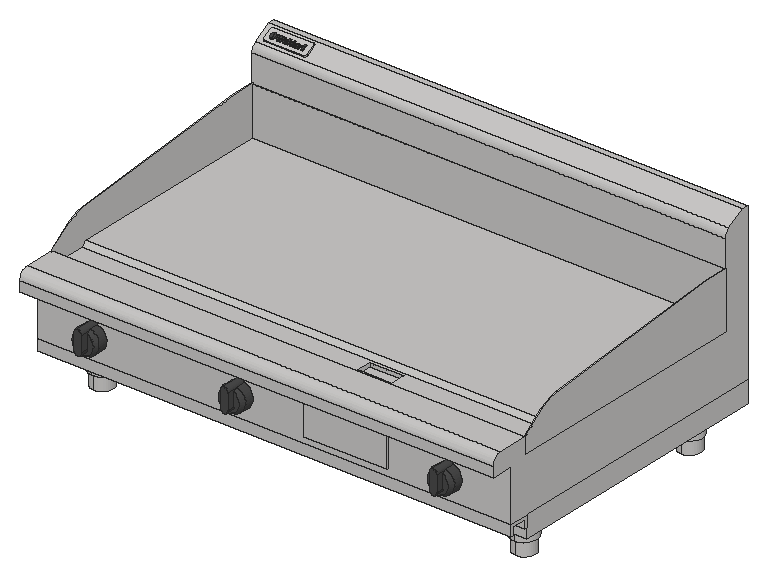
Revit family "QF_MOFFAT WALDORF_GP8120E-B", category Specialty Equipment, Revit 2012
Parameters
  Width [instance] = 1200.0 mm  # constant formula
  Weight in Pounds = 295.4191  # constant formula
  Watts = 16200 W
  Volts = 415 V
  URL Cutsheet = "www.moffat.com"
  URL = "www.moffat.com"
  Type Mark [instance] = ""
  Status [instance] = ""
  Specification by User [instance] = ""
  Specification by Manufacturer = ""
  Show Logo [instance] = yes
  Serial Number = ""
  Seismic Rating = ""
  SMACNA No = ""
  Revision Code [instance] = ""
  Phase = 3
  Omniclass Number and Title = ""
  Number of Poles = 1
  NAFEM Spec ID Number = ""
  Model = "GP8120E-B"
  Min Ckt Ampacity = 0 A
  Max Overcurrent Protection = 0 A
  Masterspec = ""
  Manufacturer = "MOFFAT WALDORF"
  Item Number [instance] = ""
  Installed By [instance] = ""
  Identify Quantity as Lot [instance] = yes
  Height [instance] = 530.0 mm  # constant formula
  HP = ""
  Furnished By [instance] = ""
  Foodservice Equipment Identifier [instance] = yes
  FL Amps = 22.5 A
  Elec Conn RI Height = 0.0 mm
  Elec Conn Connection Height = 0.0 mm
  Description = "GRIDDLE PLATE ELECTRIC BENCH MOUNT"
  Depth [instance] = 805.0 mm  # constant formula
  Cycle = 50 Hz
  Conn Plug = ""
  Conn Conduit = yes
  CSI MasterFormat = ""
  CSI Master Format = ""
  Base Height [instance] = 80.0 mm
  Apparent Power = if(Phase = 3, Volts * FL Amps * 1.73, Volts * FL Amps)  # 16153.9 VA
Reference planes
  plane 1 "BACK": y = 0
  plane 2: z = 0
  plane 3 "LEFT": x = 0
  plane 4 "RIGHT": x = 1200
  plane 5 "FRONT": y = -805
  plane 6 "TOP": z = 530
  plane 7 "Center Y": x = 600
  plane 8 "Center X": y = -402.5
  plane 9 "Base Height": z = 80
  plane 10: x = 65
  plane 11: x = 1134
  plane 12: x = 1070
  plane 13: z = 110
  plane 14: y = -32
Forms (mm)
  Extrusion 1, solid, material "QF_Finishes_Stainless Steel"
    sketch origin (0, 0, 0) x (0, 1, 0) y (0, 0, 1)
      loop
        line (-805, 291) -> (-805, 266) -> (-749, 266) -> (-749, 135) -> (0, 135) -> (0, 530) -> (-16.5, 530) -> (-58.709, 505.631)
        arc (-58.709, 505.631) -> (-66.975, 497.365) -> (-70, 486.074) r 22.582
        line (-70, 486.074) -> (-70, 275) -> (-705, 275) -> (-705, 315) -> (-781, 315)
        arc (-781, 315) -> (-797.971, 307.971) -> (-805, 291) r 24
      loop
        line (0, 80) -> (0, 134.206) -> (-699, 134.206) -> (-699, 80) -> (0, 80)
      loop
        line (-749, 134.206) -> (-749, 107.019) -> (-742.6, 107.019) -> (-742.6, 127.806) -> (-706.4, 127.806) -> (-706.4, 107.019) -> (-700, 107.019) -> (-700, 134.206) -> (-749, 134.206)
    from 0 to 1200
  Revolve 2, solid, material "QF_Finishes_Stainless Steel"
    sketch origin (1134, -210, 0) x (0, 1, 0) y (0, 0, -1)
      loop
        line (78.25, -80) -> (110, -80) -> (110, 0) -> (82.5, 0) -> (82.5, -35) -> (78.25, -35) -> (78.25, -80)
      axis (110, -80) -> (110, 0)
    angle from 0 to 360
  Revolve 3, solid, material "QF_Finishes_Stainless Steel"
    sketch origin (65, -210, 0) x (0, 1, 0) y (0, 0, 1)
      loop
        line (78.25, 80) -> (78.25, 35) -> (82.5, 35) -> (82.5, 0) -> (110, 0) -> (110, 80) -> (78.25, 80)
      axis (110, 80) -> (110, 0)
    angle from 0 to 360
  Revolve 4, solid, material "QF_Finishes_Black"
    sketch origin (150, 0, -0.127) x (0, 1, 0) y (0, 0, -1)
      loop
        line (-782, -229.5) -> (-759, -229.5) -> (-759, -202) -> (-749, -202) -> (-749, -197) -> (-793, -197) -> (-793, -223.651) -> (-782, -229.5)
      axis (-793, -197) -> (-749, -197)
    angle from 0 to 360
  Extrusion 5, solid, material "QF_Finishes_Black"
    sketch origin (288.27, 0, 0.031) x (-1, 0, 0) y (0, 0, -1)
      loop
        arc (148.269, -184.969) -> (138.269, -174.969) -> (128.269, -184.969) r 10
        line (128.269, -184.969) -> (128.269, -223.969)
        arc (128.269, -223.969) -> (138.269, -233.969) -> (148.269, -223.969) r 10
        line (148.269, -223.969) -> (148.269, -184.969)
    from 759 to 808
  Revolve 6, solid, material "QF_Finishes_Stainless Steel"
    sketch origin (1134, -735, 0) x (0, 1, 0) y (0, 0, -1)
      loop
        line (78.25, -80) -> (110, -80) -> (110, 0) -> (82.5, 0) -> (82.5, -35) -> (78.25, -35) -> (78.25, -80)
      axis (110, -80) -> (110, 0)
    angle from 0 to 360
  Revolve 7, solid, material "QF_Finishes_Stainless Steel"
    sketch origin (65, -735, 0) x (0, 1, 0) y (0, 0, 1)
      loop
        line (78.25, 80) -> (78.25, 35) -> (82.5, 35) -> (82.5, 0) -> (110, 0) -> (110, 80) -> (78.25, 80)
      axis (110, 80) -> (110, 0)
    angle from 0 to 360
  Extrusion 8, solid, material "QF_Finishes_Stainless Steel"
    sketch origin (37.8, -749, 266) x (0, 0, -1) y (1, 0, 0)
      loop
        line (26.5, 640) -> (113.5, 640) -> (113.5, 850) -> (26.5, 850) -> (26.5, 640)
    from 0 to 2.5
  Extrusion 9, solid, material "QF_Finishes_Stainless Steel"
    sketch origin (37.8, -751.5, 266) x (0, 0, -1) y (1, 0, 0)
      loop
        line (33.5, 850) -> (26.5, 850) -> (26.5, 640) -> (33.5, 640) -> (33.5, 850)
    from 0 to 5
  Revolve 10, solid, material "QF_Finishes_Black"
    sketch origin (1050, 0, -0.127) x (0, 1, 0) y (0, 0, 1)
      loop
        line (-782, 229.5) -> (-793, 223.651) -> (-793, 197) -> (-749, 197) -> (-749, 202) -> (-759, 202) -> (-759, 229.5) -> (-782, 229.5)
      axis (-793, 197) -> (-749, 197)
    angle from 0 to 360
  Extrusion 11, solid, material "QF_Finishes_Black"
    sketch origin (911.73, 0, 0.031) x (1, 0, 0) y (0, 0, 1)
      loop
        line (148.269, 184.969) -> (148.269, 223.969)
        arc (148.269, 223.969) -> (138.269, 233.969) -> (128.269, 223.969) r 10
        line (128.269, 223.969) -> (128.269, 184.969)
        arc (128.269, 184.969) -> (138.269, 174.969) -> (148.269, 184.969) r 10
    from 759 to 808
  Revolve 12, solid, material "QF_Finishes_Black"
    sketch origin (520.625, 0, -0.127) x (0, 1, 0) y (0, 0, -1)
      loop
        line (-782, -229.5) -> (-759, -229.5) -> (-759, -202) -> (-749, -202) -> (-749, -197) -> (-793, -197) -> (-793, -223.651) -> (-782, -229.5)
      axis (-793, -197) -> (-749, -197)
    angle from 0 to 360
  Extrusion 13, solid, material "QF_Finishes_Black"
    sketch origin (658.895, 0, 0.031) x (-1, 0, 0) y (0, 0, -1)
      loop
        arc (148.269, -184.969) -> (138.269, -174.969) -> (128.269, -184.969) r 10
        line (128.269, -184.969) -> (128.269, -223.969)
        arc (128.269, -223.969) -> (138.269, -233.969) -> (148.269, -223.969) r 10
        line (148.269, -223.969) -> (148.269, -184.969)
    from 759 to 808
  Extrusion 14, void
    sketch origin (-36.323, 23.75, 80) x (-1, 0, 0) y (0, 1, 0)
      loop
        circle (-1106.323, -55.555) r 10
    from 2 to -30
Cuts and joins
  joined: Revolve 4, Extrusion 5
  joined: Extrusion 8, Extrusion 9
  Extrusion 14 cuts Extrusion 1
Lines and regions (mm)
  Split face 1
    outline origin (49.063, -19.748, 528.125) x (0, -0.866025, -0.5) y (1, 0, 0)
      loop
        line (1.427, 105.5) -> (35.836, 105.5) -> (35.836, 125.5) -> (1.427, 125.5) -> (1.427, 105.5)
  Split face 2
    outline origin (99.063, -19.748, 528.125) x (0, -0.866025, -0.5) y (1, 0, 0)
      loop
        line (1.427, 105.5) -> (35.836, 105.5) -> (35.836, 125.5) -> (1.427, 125.5) -> (1.427, 105.5)
  Split face 3
    outline origin (149.062, -19.748, 528.125) x (0, -0.866025, -0.5) y (1, 0, 0)
      loop
        line (1.427, 105.5) -> (35.836, 105.5) -> (35.836, 125.5) -> (1.427, 125.5) -> (1.427, 105.5)
  Split face 4
    outline origin (199.063, -19.748, 528.125) x (0, -0.866025, -0.5) y (1, 0, 0)
      loop
        line (1.427, 105.5) -> (35.836, 105.5) -> (35.836, 125.5) -> (1.427, 125.5) -> (1.427, 105.5)
  Split face 5
    outline origin (249.063, -19.748, 528.125) x (0, -0.866025, -0.5) y (1, 0, 0)
      loop
        line (1.427, 105.5) -> (35.836, 105.5) -> (35.836, 125.5) -> (1.427, 125.5) -> (1.427, 105.5)
  Split face 6
    outline origin (299.063, -19.748, 528.125) x (0, -0.866025, -0.5) y (1, 0, 0)
      loop
        line (1.427, 105.5) -> (35.836, 105.5) -> (35.836, 125.5) -> (1.427, 125.5) -> (1.427, 105.5)
  Split face 7
    outline origin (51.563, -19.748, 528.125) x (0, -0.866025, -0.5) y (1, 0, 0)
      loop
        line (1.427, 405.5) -> (35.836, 405.5) -> (35.836, 425.5) -> (1.427, 425.5) -> (1.427, 405.5)
  Split face 8
    outline origin (101.562, -19.748, 528.125) x (0, -0.866025, -0.5) y (1, 0, 0)
      loop
        line (1.427, 405.5) -> (35.836, 405.5) -> (35.836, 425.5) -> (1.427, 425.5) -> (1.427, 405.5)
  Split face 9
    outline origin (151.562, -19.748, 528.125) x (0, -0.866025, -0.5) y (1, 0, 0)
      loop
        line (1.427, 405.5) -> (35.836, 405.5) -> (35.836, 425.5) -> (1.427, 425.5) -> (1.427, 405.5)
  Split face 10
    outline origin (201.562, -19.748, 528.125) x (0, -0.866025, -0.5) y (1, 0, 0)
      loop
        line (1.427, 405.5) -> (35.836, 405.5) -> (35.836, 425.5) -> (1.427, 425.5) -> (1.427, 405.5)
  Split face 11
    outline origin (251.562, -19.748, 528.125) x (0, -0.866025, -0.5) y (1, 0, 0)
      loop
        line (1.427, 405.5) -> (35.836, 405.5) -> (35.836, 425.5) -> (1.427, 425.5) -> (1.427, 405.5)
  Split face 12
    outline origin (301.562, -19.748, 528.125) x (0, -0.866025, -0.5) y (1, 0, 0)
      loop
        line (1.427, 405.5) -> (35.836, 405.5) -> (35.836, 425.5) -> (1.427, 425.5) -> (1.427, 405.5)
  Split face 13
    outline origin (351.562, -19.748, 528.125) x (0, -0.866025, -0.5) y (1, 0, 0)
      loop
        line (1.427, 405.5) -> (35.836, 405.5) -> (35.836, 425.5) -> (1.427, 425.5) -> (1.427, 405.5)
  Split face 14
    outline origin (402.31, -19.748, 528.125) x (0, -0.866025, -0.5) y (1, 0, 0)
      loop
        line (1.427, 405.5) -> (35.836, 405.5) -> (35.836, 425.5) -> (1.427, 425.5) -> (1.427, 405.5)
  Split face 15
    outline origin (452.31, -19.748, 528.125) x (0, -0.866025, -0.5) y (1, 0, 0)
      loop
        line (1.427, 405.5) -> (35.836, 405.5) -> (35.836, 425.5) -> (1.427, 425.5) -> (1.427, 405.5)
  symbolic lines, visible <- "Show Logo"
    curve 1: line (12.5, -52.06, 0) -> (12.5, -21.099, 0)
    curve 2: line (121.5, -21.099, 0) -> (121.5, -52.06, 0)
    curve 3: line (12.5, -21.099, 0) -> (121.5, -21.099, 0)
    curve 4: line (12.5, -52.06, 0) -> (121.5, -52.06, 0)
  symbolic lines
    curve 5: line (154.563, -50.782, 0) -> (154.563, -20.984, 0)
    curve 6: line (154.563, -20.984, 0) -> (174.562, -20.984, 0)
    curve 7: line (174.562, -20.984, 0) -> (174.562, -50.782, 0)
    curve 8: line (174.562, -50.782, 0) -> (154.563, -50.782, 0)
    curve 9: line (204.563, -20.984, 0) -> (204.563, -50.782, 0)
    curve 10: line (204.563, -50.782, 0) -> (224.562, -50.782, 0)
    curve 11: line (224.562, -50.782, 0) -> (224.562, -20.984, 0)
    curve 12: line (224.562, -20.984, 0) -> (204.563, -20.984, 0)
    curve 13: line (254.563, -20.984, 0) -> (254.563, -50.782, 0)
    curve 14: line (254.563, -50.782, 0) -> (274.562, -50.782, 0)
    curve 15: line (274.562, -50.782, 0) -> (274.562, -20.984, 0)
    curve 16: line (274.562, -20.984, 0) -> (254.563, -20.984, 0)
    curve 17: line (0, -805, 0) -> (1200, -805, 0)
    curve 18: line (0, 0, 0) -> (0, -805, 0)
    curve 19: line (1200, 0, 0) -> (0, 0, 0)
    curve 20: line (0, -70, 0) -> (1200, -70, 0)
    curve 21: line (1200, -705, 0) -> (0, -705, 0)
    curve 22: line (304.563, -20.984, 0) -> (304.563, -50.782, 0)
    curve 23: line (304.563, -50.782, 0) -> (324.562, -50.782, 0)
    curve 24: line (324.562, -50.782, 0) -> (324.562, -20.984, 0)
    curve 25: line (324.562, -20.984, 0) -> (304.563, -20.984, 0)
    curve 26: line (354.563, -20.984, 0) -> (354.563, -50.782, 0)
    curve 27: line (354.563, -50.782, 0) -> (374.562, -50.782, 0)
    curve 28: line (374.562, -50.782, 0) -> (374.562, -20.984, 0)
    curve 29: line (374.562, -20.984, 0) -> (354.563, -20.984, 0)
    curve 30: line (404.563, -20.984, 0) -> (404.563, -50.782, 0)
    curve 31: line (404.563, -50.782, 0) -> (424.562, -50.782, 0)
    curve 32: line (424.562, -50.782, 0) -> (424.562, -20.984, 0)
    curve 33: line (424.562, -20.984, 0) -> (404.563, -20.984, 0)
    curve 34: line (457.063, -20.984, 0) -> (457.063, -50.782, 0)
    curve 35: line (457.063, -50.782, 0) -> (477.063, -50.782, 0)
    curve 36: line (477.063, -50.782, 0) -> (477.063, -20.984, 0)
    curve 37: line (477.063, -20.984, 0) -> (457.063, -20.984, 0)
    curve 38: line (507.063, -20.984, 0) -> (507.063, -50.782, 0)
    curve 39: line (507.063, -50.782, 0) -> (527.063, -50.782, 0)
    curve 40: line (527.063, -50.782, 0) -> (527.063, -20.984, 0)
    curve 41: line (527.063, -20.984, 0) -> (507.063, -20.984, 0)
    curve 42: line (557.063, -50.782, 0) -> (577.063, -50.782, 0)
    curve 43: line (577.063, -50.782, 0) -> (577.063, -20.984, 0)
    curve 44: line (577.063, -20.984, 0) -> (557.063, -20.984, 0)
    curve 45: line (557.063, -20.984, 0) -> (557.063, -50.782, 0)
    curve 46: line (607.063, -50.782, 0) -> (627.063, -50.782, 0)
    curve 47: line (627.063, -50.782, 0) -> (627.063, -20.984, 0)
    curve 48: line (627.063, -20.984, 0) -> (607.063, -20.984, 0)
    curve 49: line (607.063, -20.984, 0) -> (607.063, -50.782, 0)
    curve 50: line (677.063, -50.782, 0) -> (657.063, -50.782, 0)
    curve 51: line (657.063, -50.782, 0) -> (657.063, -20.984, 0)
    curve 52: line (657.063, -20.984, 0) -> (677.063, -20.984, 0)
    curve 53: line (677.063, -20.984, 0) -> (677.063, -50.782, 0)
    curve 54: line (707.063, -50.782, 0) -> (727.063, -50.782, 0)
    curve 55: line (727.063, -50.782, 0) -> (727.063, -20.984, 0)
    curve 56: line (727.063, -20.984, 0) -> (707.063, -20.984, 0)
    curve 57: line (707.063, -20.984, 0) -> (707.063, -50.782, 0)
    curve 58: line (757.063, -50.782, 0) -> (777.063, -50.782, 0)
    curve 59: line (777.063, -50.782, 0) -> (777.063, -20.984, 0)
    curve 60: line (777.063, -20.984, 0) -> (757.063, -20.984, 0)
    curve 61: line (757.063, -20.984, 0) -> (757.063, -50.782, 0)
    curve 62: line (807.81, -50.782, 0) -> (827.81, -50.782, 0)
    curve 63: line (827.81, -50.782, 0) -> (827.81, -20.984, 0)
    curve 64: line (827.81, -20.984, 0) -> (807.81, -20.984, 0)
    curve 65: line (807.81, -20.984, 0) -> (807.81, -50.782, 0)
    curve 66: line (857.81, -50.782, 0) -> (877.81, -50.782, 0)
    curve 67: line (877.81, -50.782, 0) -> (877.81, -20.984, 0)
    curve 68: line (877.81, -20.984, 0) -> (857.81, -20.984, 0)
    curve 69: line (857.81, -20.984, 0) -> (857.81, -50.782, 0)
    curve 70: line (1200, -805, 0) -> (1200, 0, 0)
Dimensions and locks
  equal spacing: plane 3 "LEFT", plane 7 "Center Y", plane 4 "RIGHT"
  "Width": plane 3 "LEFT" to plane 4 "RIGHT"
  equal spacing: plane 5 "FRONT", plane 8 "Center X", plane 1 "BACK"
  "Depth": plane 5 "FRONT" to plane 1 "BACK"
  "Base Height": plane 9 "Base Height" to level
  locked: plane 6 "TOP" to plane 9 "Base Height" at 450
  plane 6 "TOP" to level = 530.0 mm
  plane 11 to plane 10 = 1069.0 mm
  plane 12 to plane 4 "RIGHT" = 130.0 mm
  plane 13 to level = 110.0 mm
  plane 14 to plane 1 "BACK" = 32.0 mm
  aligned and locked: level to plane 2
  aligned and locked: Revolve 3 sketch curve to plane 9 "Base Height"
Automatic sketch dimensions
  curve 17 to plane 3 "LEFT" = 0.0 mm
  plane 1 "BACK" to curve 19 = 0.0 mm
  curve 19 to plane 4 "RIGHT" = 0.0 mm
  plane 5 "FRONT" to curve 17 = 0.0 mm
  plane 3 "LEFT" to curve 1 = 12.5 mm
  plane 10 to curve 4 = 56.5 mm
  curve 2 to curve 6 = 33.062 mm
  curve 5 to curve 8 = 20.0 mm
  curve 6 to curve 12 = 30.0 mm
  curve 9 to curve 10 = 20.0 mm
  curve 11 to curve 16 = 30.0 mm
  curve 13 to curve 15 = 20.0 mm
  curve 15 to curve 22 = 30.0 mm
  curve 22 to curve 24 = 20.0 mm
  curve 23 to curve 26 = 30.0 mm
  curve 26 to curve 27 = 20.0 mm
  curve 27 to curve 30 = 30.0 mm
  curve 30 to curve 32 = 20.0 mm
  curve 31 to curve 34 = 32.5 mm
  curve 34 to curve 35 = 20.0 mm
  curve 36 to curve 38 = 30.0 mm
  curve 38 to curve 41 = 20.0 mm
  curve 39 to curve 42 = 30.0 mm
  curve 44 to curve 43 = 20.0 mm
  plane 7 "Center Y" to curve 48 = 7.063 mm
  curve 46 to curve 46 = 20.0 mm
  curve 47 to curve 52 = 30.0 mm
  curve 51 to curve 53 = 20.0 mm
  curve 50 to curve 54 = 30.0 mm
  curve 56 to curve 56 = 20.0 mm
  curve 55 to curve 61 = 30.0 mm
  curve 58 to curve 58 = 20.0 mm
  curve 58 to curve 62 = 30.748 mm
  curve 62 to curve 62 = 20.0 mm
  curve 63 to curve 68 = 30.0 mm
  curve 66 to curve 66 = 20.0 mm
  curve 21 to plane 5 "FRONT" = 100.0 mm
  curve 20 to curve 19 = 70.0 mm
  plane 1 "BACK" to curve 2 = 52.06 mm
  plane 1 "BACK" to curve 7 = 50.782 mm
  plane 1 "BACK" to curve 59 = 50.782 mm
  curve 7 to curve 9 = 0.0 mm
  curve 57 to curve 58 = 0.0 mm
  curve 10 to curve 13 = 0.0 mm
  curve 53 to curve 54 = 0.0 mm
  curve 58 to curve 62 = 0.0 mm
  curve 62 to curve 66 = 0.0 mm
  curve 49 to curve 50 = 0.0 mm
  curve 14 to curve 22 = 0.0 mm
  curve 45 to curve 46 = 0.0 mm
  curve 23 to curve 26 = 0.0 mm
  curve 40 to curve 42 = 0.0 mm
  curve 27 to curve 30 = 0.0 mm
  curve 36 to curve 38 = 0.0 mm
  plane 1 "BACK" to curve 2 = 21.099 mm
  plane 1 "BACK" to curve 33 = 20.984 mm
  plane 1 "BACK" to curve 40 = 20.984 mm
  plane 1 "BACK" to curve 29 = 20.984 mm
  plane 1 "BACK" to curve 43 = 20.984 mm
  plane 1 "BACK" to curve 25 = 20.984 mm
  plane 1 "BACK" to curve 47 = 20.984 mm
  plane 1 "BACK" to curve 69 = 20.984 mm
  plane 1 "BACK" to curve 52 = 20.984 mm
  plane 1 "BACK" to curve 16 = 20.984 mm
  plane 1 "BACK" to curve 55 = 20.984 mm
  plane 1 "BACK" to curve 12 = 20.984 mm
  plane 1 "BACK" to curve 59 = 20.984 mm
  plane 1 "BACK" to curve 7 = 20.984 mm
  plane 1 "BACK" to curve 63 = 20.984 mm
  plane 1 "BACK" to curve 37 = 20.984 mm
  Extrusion 1 sketch curve to plane 5 "FRONT" = 0.0 mm
  Extrusion 1 sketch curve to plane 9 "Base Height" = 0.0 mm
  Extrusion 1 sketch curve to plane 6 "TOP" = 0.0 mm
  Extrusion 1 sketch curve to plane 1 "BACK" = 0.0 mm  (x2)
  Extrusion 1 sketch curve to plane 5 "FRONT" = 24.0 mm
  Extrusion 1 sketch curve to plane 5 "FRONT" = 56.0 mm
  Extrusion 1 sketch curve to Extrusion 1 sketch curve = 0.0 mm  (x2)
  Extrusion 1 sketch curve to Extrusion 1 sketch curve = 6.4 mm  (x3)
  Extrusion 1 sketch curve to Extrusion 1 sketch curve = 36.2 mm
  Extrusion 1 sketch curve to Extrusion 1 sketch curve = 44.0 mm
  Extrusion 1 sketch curve to Extrusion 1 sketch curve = 1.0 mm
  plane 1 "BACK" to Extrusion 1 sketch curve = 70.0 mm
  Extrusion 1 sketch curve to plane 6 "TOP" = 24.369 mm
  Extrusion 1 sketch curve to Extrusion 1 sketch curve = 11.291 mm  (x2)
  Extrusion 1 sketch curve to Extrusion 1 sketch curve = 16.5 mm
  plane 9 "Base Height" to Extrusion 1 sketch curve = 27.019 mm  (x2)
  Extrusion 1 sketch curve to Extrusion 1 sketch curve = 20.787 mm
  Extrusion 1 sketch curve to Extrusion 1 sketch curve = 0.794 mm
  Extrusion 1 sketch curve to Extrusion 1 sketch curve = 131.0 mm
  Extrusion 1 sketch curve to Extrusion 1 sketch curve = 140.0 mm
  Extrusion 1 sketch curve to Extrusion 1 sketch curve = 25.0 mm
  Revolve 2 sketch curve to plane 9 "Base Height" = 0.0 mm
  Revolve 2 sketch curve to level = 0.0 mm
  level to Revolve 2 sketch curve = 35.0 mm
  plane 1 "BACK" to Revolve 2 sketch curve = 131.75 mm
  Revolve 2 sketch curve to Revolve 2 sketch curve = 4.25 mm
  Revolve 2 sketch curve to Revolve 2 sketch curve = 27.5 mm
  Revolve 2 sketch curve to Revolve 2 sketch curve = 0.0 mm
  Revolve 2 sketch curve to Revolve 2 sketch curve = 30.0 mm
  Revolve 2 sketch curve to Revolve 2 sketch curve = 55.0 mm
  Revolve 3 sketch curve to level = 0.0 mm
  level to Revolve 3 sketch curve = 35.0 mm
  plane 1 "BACK" to Revolve 3 sketch curve = 131.75 mm
  Revolve 3 sketch curve to Revolve 3 sketch curve = 4.25 mm
  Revolve 3 sketch curve to Revolve 3 sketch curve = 27.5 mm
  Revolve 3 sketch curve to Revolve 3 sketch curve = 0.0 mm
  Revolve 3 sketch curve to Revolve 3 sketch curve = 55.0 mm
  Revolve 3 sketch curve to Revolve 3 sketch curve = 30.0 mm
  Revolve 4 sketch curve to plane 5 "FRONT" = 12.0 mm
  Revolve 4 sketch curve to Revolve 4 sketch curve = 0.0 mm  (x2)
  Revolve 4 sketch curve to Revolve 4 sketch curve = 11.0 mm
  Revolve 4 sketch curve to Revolve 4 sketch curve = 12.7 mm
  Revolve 4 sketch curve to Revolve 4 sketch curve = 23.0 mm
  Revolve 4 sketch curve to Revolve 4 sketch curve = 10.0 mm
  plane 9 "Base Height" to Revolve 4 sketch curve = 149.373 mm
  Revolve 4 sketch curve to Revolve 4 sketch curve = 5.849 mm
  Revolve 4 sketch curve to Revolve 4 sketch curve = 27.5 mm
  Revolve 4 sketch curve to Revolve 4 sketch curve = 5.0 mm
  plane 10 to Extrusion 5 sketch curve = 95.001 mm
  Extrusion 5 sketch curve to Extrusion 5 sketch curve = 10.0 mm
  plane 9 "Base Height" to Extrusion 5 sketch curve = 144.0 mm
  Extrusion 5 sketch curve to Extrusion 5 sketch curve = 39.0 mm
  Extrusion 1 to Split face 1 sketch curve = 5.177 mm
  Split face 1 sketch curve to Extrusion 1 = 9.153 mm
  Split face 1 sketch curve to Extrusion 1 = 154.563 mm
  Split face 1 sketch curve to Split face 1 sketch curve = 20.0 mm
  Revolve 6 sketch curve to plane 9 "Base Height" = 0.0 mm
  Revolve 6 sketch curve to level = 0.0 mm
  level to Revolve 6 sketch curve = 35.0 mm
  Revolve 6 sketch curve to plane 5 "FRONT" = 148.25 mm
  Revolve 6 sketch curve to Revolve 6 sketch curve = 4.25 mm
  Revolve 6 sketch curve to Revolve 6 sketch curve = 27.5 mm
  Revolve 6 sketch curve to Revolve 6 sketch curve = 0.0 mm
  Revolve 6 sketch curve to Revolve 6 sketch curve = 30.0 mm
  Revolve 6 sketch curve to Revolve 6 sketch curve = 55.0 mm
  Revolve 7 sketch curve to plane 9 "Base Height" = 0.0 mm
  Revolve 7 sketch curve to level = 0.0 mm
  level to Revolve 7 sketch curve = 35.0 mm
  Revolve 7 sketch curve to plane 5 "FRONT" = 148.25 mm
  Revolve 7 sketch curve to Revolve 7 sketch curve = 4.25 mm
  Revolve 7 sketch curve to Revolve 7 sketch curve = 27.5 mm
  Revolve 7 sketch curve to Revolve 7 sketch curve = 0.0 mm
  Revolve 7 sketch curve to Revolve 7 sketch curve = 55.0 mm
  Revolve 7 sketch curve to Revolve 7 sketch curve = 30.0 mm
  Extrusion 1 to Split face 2 sketch curve = 5.177 mm
  Split face 2 sketch curve to Extrusion 1 = 9.153 mm
  Split face 2 sketch curve to Extrusion 1 = 204.563 mm
  Split face 2 sketch curve to Split face 2 sketch curve = 20.0 mm
  Extrusion 1 to Split face 3 sketch curve = 5.177 mm
  Split face 3 sketch curve to Extrusion 1 = 9.153 mm
  Split face 3 sketch curve to Extrusion 1 = 254.563 mm
  Split face 3 sketch curve to Split face 3 sketch curve = 20.0 mm
  Extrusion 1 to Extrusion 8 sketch curve = 26.5 mm
  Extrusion 8 sketch curve to Extrusion 1 = 17.5 mm
  Extrusion 1 to Extrusion 8 sketch curve = 522.2 mm
  Extrusion 8 sketch curve to Extrusion 8 sketch curve = 210.0 mm
  Extrusion 9 sketch curve to Extrusion 8 = 0.0 mm  (x2)
  Extrusion 8 to Extrusion 9 sketch curve = 0.0 mm
  Extrusion 9 sketch curve to Extrusion 8 = 7.0 mm
  Extrusion 1 to Split face 4 sketch curve = 5.177 mm
  Split face 4 sketch curve to Extrusion 1 = 9.153 mm
  Split face 4 sketch curve to Extrusion 1 = 304.563 mm
  Split face 4 sketch curve to Split face 4 sketch curve = 20.0 mm
  Extrusion 1 to Split face 5 sketch curve = 5.177 mm
  Split face 5 sketch curve to Extrusion 1 = 9.153 mm
  Split face 5 sketch curve to Extrusion 1 = 354.563 mm
  Split face 5 sketch curve to Split face 5 sketch curve = 20.0 mm
  Extrusion 1 to Split face 6 sketch curve = 5.177 mm
  Split face 6 sketch curve to Extrusion 1 = 9.153 mm
  Split face 6 sketch curve to Extrusion 1 = 404.563 mm
  Split face 6 sketch curve to Split face 6 sketch curve = 20.0 mm
  Extrusion 1 to Split face 7 sketch curve = 5.177 mm
  Split face 7 sketch curve to Extrusion 1 = 9.153 mm
  Split face 7 sketch curve to Extrusion 1 = 457.063 mm
  Split face 7 sketch curve to Split face 7 sketch curve = 20.0 mm
  Extrusion 1 to Split face 8 sketch curve = 5.177 mm
  Split face 8 sketch curve to Extrusion 1 = 9.153 mm
  Split face 8 sketch curve to Extrusion 1 = 507.063 mm
  Split face 8 sketch curve to Split face 8 sketch curve = 20.0 mm
  Extrusion 1 to Split face 9 sketch curve = 5.177 mm
  Split face 9 sketch curve to Extrusion 1 = 9.153 mm
  Split face 9 sketch curve to Extrusion 1 = 557.063 mm
  Split face 9 sketch curve to Split face 9 sketch curve = 20.0 mm
  Extrusion 1 to Split face 10 sketch curve = 5.177 mm
  Split face 10 sketch curve to Extrusion 1 = 9.153 mm
  Split face 10 sketch curve to Extrusion 1 = 592.937 mm
  Split face 10 sketch curve to Split face 10 sketch curve = 20.0 mm
  Extrusion 1 to Split face 11 sketch curve = 5.177 mm
  Split face 11 sketch curve to Extrusion 1 = 9.153 mm
  Split face 11 sketch curve to Extrusion 1 = 542.937 mm
  Split face 11 sketch curve to Split face 11 sketch curve = 20.0 mm
  Revolve 10 sketch curve to plane 5 "FRONT" = 12.0 mm
  Revolve 10 sketch curve to Revolve 10 sketch curve = 0.0 mm  (x2)
  Revolve 10 sketch curve to Revolve 10 sketch curve = 11.0 mm
  Revolve 10 sketch curve to Revolve 10 sketch curve = 12.7 mm
  Revolve 10 sketch curve to Revolve 10 sketch curve = 23.0 mm
  Revolve 10 sketch curve to Revolve 10 sketch curve = 10.0 mm
  plane 9 "Base Height" to Revolve 10 sketch curve = 116.873 mm
  Revolve 10 sketch curve to Revolve 10 sketch curve = 5.0 mm
  Revolve 10 sketch curve to Revolve 10 sketch curve = 26.651 mm
  Revolve 10 sketch curve to Revolve 10 sketch curve = 5.849 mm
  plane 11 to Extrusion 11 sketch curve = 94.001 mm
  Extrusion 11 sketch curve to Extrusion 11 sketch curve = 10.0 mm
  plane 9 "Base Height" to Extrusion 11 sketch curve = 105.0 mm
  Extrusion 11 sketch curve to Extrusion 11 sketch curve = 39.0 mm
  Revolve 12 sketch curve to plane 5 "FRONT" = 12.0 mm
  Revolve 12 sketch curve to Revolve 12 sketch curve = 0.0 mm  (x2)
  Revolve 12 sketch curve to Revolve 12 sketch curve = 11.0 mm
  Revolve 12 sketch curve to Revolve 12 sketch curve = 12.7 mm
  Revolve 12 sketch curve to Revolve 12 sketch curve = 23.0 mm
  Revolve 12 sketch curve to Revolve 12 sketch curve = 10.0 mm
  plane 9 "Base Height" to Revolve 12 sketch curve = 149.373 mm
  Revolve 12 sketch curve to Revolve 12 sketch curve = 5.849 mm
  Revolve 12 sketch curve to Revolve 12 sketch curve = 27.5 mm
  Revolve 12 sketch curve to Revolve 12 sketch curve = 5.0 mm
  Extrusion 13 sketch curve to plane 7 "Center Y" = 69.374 mm
  Extrusion 13 sketch curve to Extrusion 13 sketch curve = 10.0 mm
  plane 9 "Base Height" to Extrusion 13 sketch curve = 144.0 mm
  Extrusion 13 sketch curve to Extrusion 13 sketch curve = 39.0 mm
  Extrusion 1 to Split face 12 sketch curve = 5.177 mm
  Split face 12 sketch curve to Extrusion 1 = 9.153 mm
  Split face 12 sketch curve to Extrusion 1 = 492.937 mm
  Split face 12 sketch curve to Split face 12 sketch curve = 20.0 mm
  Extrusion 1 to Split face 13 sketch curve = 5.177 mm
  Split face 13 sketch curve to Extrusion 1 = 9.153 mm
  Split face 13 sketch curve to Extrusion 1 = 442.937 mm
  Split face 13 sketch curve to Split face 13 sketch curve = 20.0 mm
  Extrusion 1 to Split face 14 sketch curve = 5.177 mm
  Split face 14 sketch curve to Extrusion 1 = 9.153 mm
  Split face 14 sketch curve to Extrusion 1 = 392.19 mm
  Split face 14 sketch curve to Split face 14 sketch curve = 20.0 mm
  Extrusion 1 to Split face 15 sketch curve = 5.177 mm
  Split face 15 sketch curve to Extrusion 1 = 9.153 mm
  Split face 15 sketch curve to Extrusion 1 = 342.19 mm
  Split face 15 sketch curve to Split face 15 sketch curve = 20.0 mm
  Extrusion 14 sketch curve to Extrusion 1 = 130.0 mm
  Extrusion 1 to Extrusion 14 sketch curve = 31.805 mm
  radius of Extrusion 14 sketch curve = 10.0 mm
Nested families
  nested 1: "GAS GRIDDLE PLATE" at (0, -70, 275), type "GAS GRIDDLE PLATE"
    with Type Mark "", Status "", Specification by User "", Show Clearance yes, Revision Code "", Number of Poles 1, Mechanical Remarks "", Mechanical Connection Type "", Item Number "", Installed By "", Identify Quantity as Lot yes, Gas RI Height 0.0 mm, Gas KW 0, Gas Input 0.0 Btu/h, Furnished By "", Foodservice Equipment Identifier yes, Electrical Remarks "", Electric Connection Type "", Elec Conn RI Height 0.0 mm, Elec Conn Connection Height 0.0 mm
  nested 2: "WALDORF LOGO_FACE BASE" at (12.657, -22.086, 526.775) x (1, 0, 0) z (0, -0.5, 0.866), visible <- "Show Logo", type "WALDORF LOGO_FACE BASE", detail levels medium+fine
    with Show Logo yes
Connectors
  electrical at (1070, -31.805, 110), driven by "Volts", driven by "Watts"
    settings: on cut or joined group of Extrusion 1, Extrusion 14, index 1, voltage 415 V, apparent load 16200 VA, apparent load phase1 0 VA, apparent load phase2 0 VA, apparent load phase3 0 VA, power factor 1, load classification "Other", number of poles 1, system type 30, power factor state 1, is connector primary yes, connector utility no, sub classification motor no, connector description "ELECTRICAL CONNECTION"
Definition of nested family "GAS GRIDDLE PLATE"
  Parameters (values of type "GAS GRIDDLE PLATE")
    Weight in Pounds = 0
    Watts = 0 W
    Volts = 0 V
    URL Cutsheet = ""
    Type Mark [instance] = ""
    Status [instance] = ""
    Specification by User [instance] = ""
    Specification by Manufacturer = ""
    Show Clearance [instance] = yes
    Serial Number = ""
    Seismic Rating = ""
    SMACNA No = ""
    Revision Code [instance] = ""
    Phase = 1
    Omniclass Number and Title = ""
    Number of Poles [instance] = 1
    NAFEM Spec ID Number = ""
    Min Ckt Ampacity = 0 A
    Mechanical Remarks [instance] = ""
    Mechanical Connection Type [instance] = ""
    Max Overcurrent Protection = 0 A
    Masterspec = ""
    Item Number [instance] = ""
    Installed By [instance] = ""
    Identify Quantity as Lot [instance] = yes
    HP = ""
    Gas Size = 0"
    Gas RI Height [instance] = 0.0 mm
    Gas KW [instance] = 0
    Gas Input [instance] = 0.0 Btu/h
    Gas Connection Height = 0.0 mm
    Furnished By [instance] = ""
    Foodservice Equipment Identifier [instance] = yes
    FL Amps = 0 A
    Electrical Remarks [instance] = ""
    Electric Connection Type [instance] = ""
    Elec Conn RI Height [instance] = 0.0 mm
    Elec Conn Connection Height [instance] = 0.0 mm
    Cycle = 0 Hz
    Conn Plug = ""
    Conn Conduit = yes
    CSI MasterFormat = ""
    CSI Master Format = ""
    Apparent Power = if(Phase = 3, Volts * FL Amps * 1.73, Volts * FL Amps)  # 0 VA
  Reference planes
    plane 1 "BACK": y = 0
    plane 2: z = 0
    plane 3 "LEFT": x = 0
    plane 4 "RIGHT": x = 1200
    plane 5 "FRONT": y = -634.4
    plane 6 "TOP": z = 142.5
    plane 7 "Center Y": x = 600
    plane 8 "Center X": y = -317.2
  Forms (mm)
    Extrusion 1, solid, material "QF_Finishes_Stainless Steel"
      sketch origin (0, 70.003, -875) x (0, 1, 0) y (0, 0, 1)
        loop
          line (-70, 875) -> (-70, 1017.5) -> (-126.948, 1017.5) -> (-604.433, 971.523)
          arc (-604.433, 971.523) -> (-629.46, 965.803) -> (-652.206, 953.899) r 100
          line (-652.206, 953.899) -> (-704.403, 917.35) -> (-704.403, 875) -> (-70, 875)
      from 0 to 1.8
    Extrusion 2, solid, material "QF_Finishes_Stainless Steel"
      sketch origin (150, 70.003, -875) x (0, 1, 0) y (0, 0, 1)
        loop
          line (-70, 895) -> (-601, 895) -> (-611.5, 884.5) -> (-704.403, 884.5) -> (-704.403, 875) -> (-70, 875) -> (-70, 895)
      from -148.2 to 1048.2
    Extrusion 3, void
      sketch origin (450, -541.497, 9.5) x (0, -1, 0) y (1, 0, 0)
        loop
          line (10, 375.2) -> (10, 289.7) -> (48.5, 289.7) -> (48.5, 375.2) -> (10, 375.2)
      from -41.4 to 40.142
    Extrusion 4, solid, material "QF_Finishes_Stainless Steel"
      sketch origin (150, 0.003, 211.074) x (0, 0, -1) y (1, 0, 0)
        loop
          line (68.574, -148.2) -> (191.074, -148.2) -> (191.074, 1048.2) -> (68.574, 1048.2) -> (68.574, -148.2)
      from 0 to 1.683
    Extrusion 5, solid, material "QF_Finishes_Stainless Steel"
      sketch origin (1200, 70.003, -875) x (0, 1, 0) y (0, 0, -1)
        loop
          line (-70, -875) -> (-704.403, -875) -> (-704.403, -917.35) -> (-652.206, -953.899)
          arc (-652.206, -953.899) -> (-629.46, -965.803) -> (-604.433, -971.523) r 100
          line (-604.433, -971.523) -> (-126.948, -1017.5) -> (-70, -1017.5) -> (-70, -875)
      from 0 to 1.8
  Cuts and joins
    Extrusion 3 cuts Extrusion 2
  Lines and regions (mm)
    symbolic lines
      curve 1: line (1198.8, -530.997, 0) -> (1.8, -530.997, 0)
      curve 2: line (1.8, -541.497, 0) -> (1198.8, -541.497, 0)
      curve 3: line (739.7, -551.497, 0) -> (739.7, -589.997, 0)
      curve 4: line (739.7, -589.997, 0) -> (825.2, -589.997, 0)
      curve 5: line (825.2, -589.997, 0) -> (825.2, -551.497, 0)
      curve 6: line (825.2, -551.497, 0) -> (739.7, -551.497, 0)
      curve 7: line (1.8, -1.68, 0) -> (1198.8, -1.68, 0)
      curve 8: line (1198.8, -1.68, 0) -> (1198.8, -634.4, 0)
      curve 9: line (1.8, -634.4, 0) -> (1.8, -1.68, 0)
      curve 10: line (1.8, -634.4, 0) -> (1198.8, -634.4, 0)
  Dimensions and locks
    equal spacing: plane 3 "LEFT", plane 7 "Center Y", plane 4 "RIGHT"
    plane 3 "LEFT" to plane 4 "RIGHT" = 1200.0 mm
    equal spacing: plane 5 "FRONT", plane 8 "Center X", plane 1 "BACK"
    plane 5 "FRONT" to plane 1 "BACK" = 634.4 mm
    aligned and locked: level to plane 2
  Automatic sketch dimensions
    plane 5 "FRONT" to curve 10 = 0.0 mm
    plane 3 "LEFT" to curve 10 = 1.8 mm
    curve 4 to plane 5 "FRONT" = 44.403 mm
    plane 7 "Center Y" to curve 4 = 139.7 mm
    curve 3 to curve 5 = 85.5 mm
    plane 4 "RIGHT" to curve 8 = 1.2 mm
    curve 3 to curve 3 = 38.5 mm
    curve 2 to plane 5 "FRONT" = 92.903 mm
    curve 2 to curve 1 = 10.5 mm
    plane 1 "BACK" to curve 9 = 1.68 mm
    Extrusion 1 sketch curve to level = 0.0 mm
    Extrusion 1 sketch curve to plane 5 "FRONT" = 0.0 mm
    Extrusion 1 sketch curve to plane 6 "TOP" = 0.0 mm
    Extrusion 1 sketch curve to plane 5 "FRONT" = 52.197 mm
    Extrusion 1 sketch curve to Extrusion 1 sketch curve = 47.773 mm
    Extrusion 1 sketch curve to level = 3.016 mm
    Extrusion 1 sketch curve to Extrusion 1 sketch curve = 9.585 mm
    plane 1 "BACK" to Extrusion 1 sketch curve = 56.945 mm
    Extrusion 1 sketch curve to plane 1 "BACK" = 0.003 mm
    level to Extrusion 1 sketch curve = 42.35 mm
    Extrusion 1 sketch curve to plane 6 "TOP" = 63.601 mm
    Extrusion 2 sketch curve to level = 0.0 mm
    Extrusion 2 sketch curve to plane 5 "FRONT" = 0.0 mm
    level to Extrusion 2 sketch curve = 9.5 mm
    Extrusion 2 sketch curve to Extrusion 2 sketch curve = 92.903 mm
    Extrusion 2 sketch curve to Extrusion 2 sketch curve = 10.5 mm  (x2)
    Extrusion 2 sketch curve to plane 1 "BACK" = 0.003 mm
    Extrusion 2 to Extrusion 3 sketch curve = 10.0 mm
    Extrusion 3 sketch curve to Extrusion 3 sketch curve = 38.5 mm
    Extrusion 2 to Extrusion 3 sketch curve = 737.9 mm
    Extrusion 3 sketch curve to Extrusion 3 sketch curve = 85.5 mm
    Extrusion 4 sketch curve to plane 6 "TOP" = 0.0 mm
    level to Extrusion 4 sketch curve = 20.0 mm
    plane 3 "LEFT" to Extrusion 4 sketch curve = 1.8 mm
    plane 4 "RIGHT" to Extrusion 4 sketch curve = 1.8 mm
    Extrusion 5 sketch curve to level = 0.0 mm
    Extrusion 5 sketch curve to plane 5 "FRONT" = 0.0 mm
    Extrusion 5 sketch curve to plane 6 "TOP" = 0.0 mm
    Extrusion 5 sketch curve to plane 5 "FRONT" = 52.197 mm
    Extrusion 5 sketch curve to Extrusion 5 sketch curve = 47.773 mm
    Extrusion 5 sketch curve to level = 3.016 mm
    Extrusion 5 sketch curve to Extrusion 5 sketch curve = 57.358 mm
    plane 1 "BACK" to Extrusion 5 sketch curve = 56.945 mm
    Extrusion 5 sketch curve to plane 1 "BACK" = 0.003 mm
    Extrusion 5 sketch curve to plane 6 "TOP" = 45.977 mm
    level to Extrusion 5 sketch curve = 42.35 mm
Definition of nested family "WALDORF LOGO_FACE BASE"
  Parameters (values of type "WALDORF LOGO_FACE BASE")
    Show Logo [instance] = yes
    Default Elevation = 1219.2 mm
  Reference planes
    plane 1 "Center (Front/Back)": y = 0
    plane 2: z = 0
    plane 3 "Center (Left/Right)": x = 0
  Forms (mm)
    Extrusion 1, solid
      sketch origin (0, 0, 0) x (1, 0, 0) y (0, 1, 0)
        loop
          line (-1219.2, 1219.2) -> (-1219.2, -1219.2) -> (1219.2, -1219.2) -> (1219.2, 1219.2) -> (-1219.2, 1219.2)
      from 0 to -304.8
    Extrusion 2, solid, material "QF_Finishes_Stainless Steel", visible <- "Show Logo"
      sketch origin (0, -33.217, 0) x (1, 0, 0) y (0, 1, 0)
        loop
          arc (5, 34.14) -> (1.464, 32.676) -> (0, 29.14) r 5
          line (0, 29.14) -> (0, 5)
          arc (0, 5) -> (1.464, 1.464) -> (5, 0) r 5
          line (5, 0) -> (104, 0)
          arc (104, 0) -> (107.536, 1.464) -> (109, 5) r 5
          line (109, 5) -> (109, 29.14)
          arc (109, 29.14) -> (107.536, 32.676) -> (104, 34.14) r 5
          line (104, 34.14) -> (5, 34.14)
      from 0 to 1.588
    Extrusion 3, solid, material "QF_Finishes_Black", visible <- "Show Logo"
      sketch origin (0, -33.217, 1.588) x (1, 0, 0) y (0, 1, 0)
        loop
          line (24.772, 23.214) -> (27.992, 10.301) -> (31.551, 10.301) -> (33.443, 17.364) -> (35.205, 10.301) -> (39.332, 10.301) -> (42.077, 23.214) -> (38.352, 23.214) -> (36.676, 15.33) -> (35, 23.214) -> (31.752, 23.214) -> (30.076, 15.33) -> (28.4, 23.214) -> (24.772, 23.214)
        loop
          line (42.272, 17.055) -> (45.703, 17.055)
          spline (45.703, 17.055) -> (45.741, 17.285) -> (45.852, 17.499) -> (46.028, 17.682) -> (46.258, 17.823) -> (46.526, 17.912) -> (46.813, 17.942) -> (47.1, 17.912) -> (47.368, 17.823) -> (47.597, 17.682) -> (47.774, 17.499) -> (47.884, 17.285) -> (47.922, 17.055)
          line (47.922, 17.055) -> (47.922, 16.222)
          arc (47.922, 16.222) -> (45.742, 16.014) -> (43.665, 15.317) r 9.604
          arc (43.665, 15.317) -> (41.924, 12.809) -> (43.665, 10.301) r 2.677
          arc (43.665, 10.301) -> (45.527, 10.353) -> (47.332, 10.816) r 8.365
          line (47.332, 10.816) -> (48.092, 11.105) -> (48.092, 10.301) -> (51.817, 10.301) -> (51.817, 17.055)
          spline (51.817, 17.055) -> (51.654, 17.821) -> (51.178, 18.535) -> (50.419, 19.148) -> (49.431, 19.619) -> (48.28, 19.914) -> (47.044, 20.015) -> (45.809, 19.914) -> (44.658, 19.619) -> (43.67, 19.148) -> (42.911, 18.535) -> (42.434, 17.821) -> (42.272, 17.055)
        loop
          line (53.151, 23.214) -> (53.151, 10.301) -> (57.37, 10.301) -> (57.37, 23.214) -> (53.151, 23.214)
        loop
          line (64.874, 23.214) -> (64.874, 18.857)
          arc (64.874, 18.857) -> (58.083, 15.11) -> (64.874, 11.363) r 4.429
          line (64.874, 11.363) -> (64.874, 10.301) -> (68.378, 10.301) -> (68.378, 23.214) -> (64.874, 23.214)
        loop
          arc (64.874, 16.083) -> (61.41, 14.987) -> (64.874, 13.891) r 1.905
          line (64.874, 13.891) -> (64.874, 16.083)
        loop
          circle (74.623, 15.223) r 5
        loop
          spline (74.623, 17.856) -> (74.355, 17.766) -> (74.105, 17.503) -> (73.891, 17.084) -> (73.726, 16.539) -> (73.623, 15.904) -> (73.588, 15.223) -> (73.623, 14.541) -> (73.726, 13.906) -> (73.891, 13.361) -> (74.105, 12.942) -> (74.355, 12.679) -> (74.623, 12.59)
          spline (74.623, 12.59) -> (74.891, 12.679) -> (75.141, 12.942) -> (75.355, 13.361) -> (75.52, 13.906) -> (75.623, 14.541) -> (75.659, 15.223) -> (75.623, 15.904) -> (75.52, 16.539) -> (75.355, 17.084) -> (75.141, 17.503) -> (74.891, 17.766) -> (74.623, 17.856)
        loop
          line (81.255, 19.813) -> (81.255, 10.301) -> (84.834, 10.301) -> (84.834, 14.176)
          arc (84.834, 14.176) -> (85.854, 16.093) -> (88.013, 16.32) r 2.313
          line (88.013, 16.32) -> (88.013, 19.813) -> (87.161, 19.813)
          arc (87.161, 19.813) -> (85.526, 19.266) -> (84.549, 17.844) r 2.717
          line (84.549, 17.844) -> (84.549, 19.813) -> (81.255, 19.813)
        loop
          line (90.249, 19.813) -> (88.91, 19.813) -> (88.91, 17.614) -> (90.249, 17.614) -> (90.249, 10.301) -> (93.998, 10.301) -> (93.998, 17.614) -> (95.418, 17.614) -> (95.418, 19.813) -> (93.998, 19.813)
          arc (93.998, 19.813) -> (94.414, 20.817) -> (95.418, 21.233) r 1.42
          line (95.418, 21.233) -> (95.418, 23.602) -> (93.317, 23.602)
          arc (93.317, 23.602) -> (91.343, 22.903) -> (90.249, 21.118) r 3.137
          line (90.249, 21.118) -> (90.249, 19.813)
        loop
          arc (15.241, 23.571) -> (8.392, 16.525) -> (15.241, 9.479) r 7.049
          line (15.241, 9.479) -> (15.241, 23.571)
        loop
          line (15.641, 23.571) -> (15.641, 9.479)
          arc (15.641, 9.479) -> (22.49, 16.525) -> (15.641, 23.571) r 7.049
        loop
          arc (47.922, 14.711) -> (46.266, 13.749) -> (47.922, 12.787) r 1.107
          line (47.922, 12.787) -> (47.922, 14.711)
      from 0 to 0.2
  Dimensions and locks
    aligned and locked: plane 2 to Extrusion 1
    aligned and locked: level to Extrusion 1
